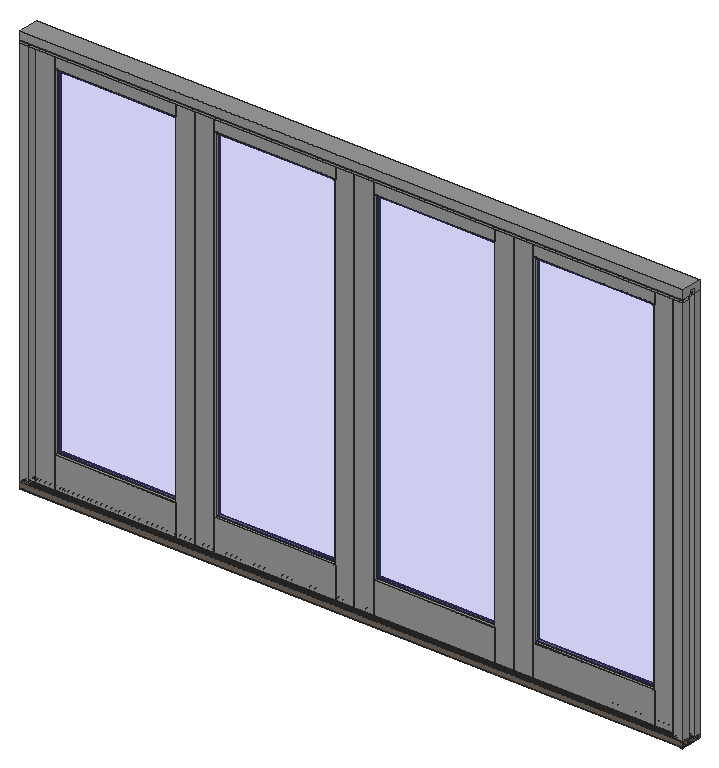
Revit family "VSFA 3390 G1 RH", category Doors, host Wall, Revit 2015
Parameters (values of type "VSFA 3390 G1 RH")
  Function = Interior
  Frame Projection Ext. = 25 mm
  Frame Projection Int. = 25 mm
  Frame Width = 75 mm
  Height = 2100 mm
  Wall Closure = By host
  Width = 3390 mm
Reference planes
  plane 1: y = 0
  plane 2 "Center (Left/Right)": x = 0
  plane 3 "Left": x = -1695
  plane 4 "Right": x = 1695
  plane 5: z = 2100
  plane 6 "Exterior": y = 75
  plane 7 "Interior": y = -75
  plane 8: x = -832.5
  plane 9: x = -829.5
  plane 10: x = -16.5
  plane 11: x = -13.5
  plane 12: x = 799.5
  plane 13: x = 802.5
Forms (mm)
  Extrusion 1, solid, material "Aluminium Cill (Bronze)"
    sketch origin (0, 79.18, -119.746) x (0, 1, 0) y (0, 0, -1)
      loop
        arc (-26.68, -120.746) -> (-26.972, -120.039) -> (-27.68, -119.746) r 1
        line (-27.68, -119.746) -> (-130.68, -119.746)
        arc (-130.68, -119.746) -> (-131.387, -120.039) -> (-131.68, -120.746) r 1
        line (-131.68, -120.746) -> (-131.68, -150.746)
        arc (-131.68, -150.746) -> (-131.387, -151.453) -> (-130.68, -151.746) r 1
        line (-130.68, -151.746) -> (-120.912, -151.746)
        arc (-120.912, -151.746) -> (-119.18, -150.746) -> (-117.447, -151.746) r 2
        line (-117.447, -151.746) -> (-112.912, -151.746)
        arc (-112.912, -151.746) -> (-111.18, -150.746) -> (-109.447, -151.746) r 2
        line (-109.447, -151.746) -> (-99.68, -151.746)
        arc (-99.68, -151.746) -> (-98.972, -151.453) -> (-98.68, -150.746) r 1
        line (-98.68, -150.746) -> (-98.68, -149.246)
        arc (-98.68, -149.246) -> (-99.18, -148.746) -> (-99.68, -149.246) r 0.5
        line (-99.68, -149.246) -> (-99.68, -150.246) -> (-100.88, -150.246) -> (-100.88, -142.734) -> (-99.68, -142.734) -> (-99.68, -143.746)
        arc (-99.68, -143.746) -> (-99.18, -144.246) -> (-98.68, -143.746) r 0.5
        line (-98.68, -143.746) -> (-98.68, -138.746) -> (-90.432, -138.746) -> (-82.18, -138.746) -> (-82.18, -135.246)
        arc (-82.18, -135.246) -> (-81.74, -134.185) -> (-80.68, -133.746) r 1.5
        line (-80.68, -133.746) -> (-75.93, -133.746) -> (-75.93, -135.746) -> (-77.363, -135.746)
        arc (-77.363, -135.746) -> (-74.68, -138.746) -> (-71.996, -135.746) r 2.7
        line (-71.996, -135.746) -> (-73.43, -135.746) -> (-73.43, -133.746) -> (-68.68, -133.746)
        arc (-68.68, -133.746) -> (-67.619, -134.185) -> (-67.18, -135.246) r 1.5
        line (-67.18, -135.246) -> (-67.18, -138.746) -> (-60.412, -138.746)
        arc (-60.412, -138.746) -> (-58.68, -137.746) -> (-56.947, -138.746) r 2
        line (-56.947, -138.746) -> (-52.412, -138.746)
        arc (-52.412, -138.746) -> (-50.68, -137.746) -> (-48.947, -138.746) r 2
        line (-48.947, -138.746) -> (-44.412, -138.746)
        arc (-44.412, -138.746) -> (-42.68, -137.746) -> (-40.947, -138.746) r 2
        line (-40.947, -138.746) -> (-29.68, -138.746)
        arc (-29.68, -138.746) -> (-27.558, -137.867) -> (-26.68, -135.746) r 3
        line (-26.68, -135.746) -> (-26.68, -120.746)
      loop
        arc (-29.68, -137.246) -> (-28.619, -136.807) -> (-28.18, -135.746) r 1.5
        line (-28.18, -135.746) -> (-28.18, -121.246) -> (-73.93, -121.246) -> (-73.93, -132.246) -> (-68.68, -132.246)
        arc (-68.68, -132.246) -> (-66.558, -133.125) -> (-65.68, -135.246) r 3
        line (-65.68, -135.246) -> (-65.68, -137.246) -> (-61.129, -137.246)
        arc (-61.129, -137.246) -> (-58.68, -136.246) -> (-56.23, -137.246) r 3.5
        line (-56.23, -137.246) -> (-53.129, -137.246)
        arc (-53.129, -137.246) -> (-50.68, -136.246) -> (-48.23, -137.246) r 3.5
        line (-48.23, -137.246) -> (-45.129, -137.246)
        arc (-45.129, -137.246) -> (-42.68, -136.246) -> (-40.23, -137.246) r 3.5
        line (-40.23, -137.246) -> (-29.68, -137.246)
      loop
        line (-75.43, -132.246) -> (-75.43, -121.246) -> (-98.68, -121.246) -> (-98.68, -137.246) -> (-83.68, -137.246) -> (-83.68, -135.246)
        arc (-83.68, -135.246) -> (-82.801, -133.125) -> (-80.68, -132.246) r 3
        line (-80.68, -132.246) -> (-75.43, -132.246)
      loop
        line (-100.18, -121.246) -> (-130.18, -121.246) -> (-130.18, -150.246) -> (-121.629, -150.246)
        arc (-121.629, -150.246) -> (-119.18, -149.246) -> (-116.73, -150.246) r 3.5
        line (-116.73, -150.246) -> (-113.629, -150.246)
        arc (-113.629, -150.246) -> (-111.18, -149.246) -> (-108.73, -150.246) r 3.5
        line (-108.73, -150.246) -> (-102.38, -150.246) -> (-102.38, -141.246) -> (-100.18, -141.246) -> (-100.18, -121.246)
    from -1695 to 1695
  Extrusion 2, solid, material "Lauan, Meranti"
    sketch origin (-122.148, 0, 0) x (0, 1, 0) y (0, 0, 1)
      loop
        line (52.5, 2100) -> (-52.5, 2100) -> (-52.5, 2055) -> (-6.5, 2055) -> (-6.5, 2075) -> (15.5, 2075) -> (15.5, 2055) -> (52.5, 2055) -> (52.5, 2100)
    from -1572.852 to 1817.148
  Extrusion 3, solid, material "Lauan, Meranti"
    sketch origin (2.986, 0, 0) x (0, 1, 0) y (0, 0, 1)
      loop
        line (-52.5, 2052) -> (-52.5, 2042) -> (-20.5, 2042) -> (-20.5, 2045.5) -> (-27.5, 2045.5) -> (-27.5, 2048.5) -> (-20.5, 2048.5) -> (-20.5, 2055) -> (-49.5, 2055) -> (-49.5, 2052) -> (-52.5, 2052)
    from -1697.986 to 1692.014
  Extrusion 4, solid, material "Steel, Chrome Plated"
    sketch origin (129.456, -1.5, 0) x (0, 1, 0) y (0, 0, -1)
      loop
        line (16.5, -2075) -> (16.5, -2055) -> (14.3, -2055) -> (14.3, -2072.8) -> (-2.3, -2072.8) -> (-2.3, -2055) -> (-4.5, -2055) -> (-4.5, -2075) -> (16.5, -2075)
    from -1565.544 to 1824.456
  Extrusion 5, solid, material "Lauan, Meranti"
    sketch origin (-1430, 0, 0) x (1, 0, 0) y (0, 1, 0)
      loop
        line (-265, 52.5) -> (-265, -19.5) -> (-220, -19.5) -> (-220, 24.5) -> (-232, 24.5) -> (-232, 52.5) -> (-265, 52.5)
    from 19 to 32
  Extrusion 6, solid, material "Lauan, Meranti"
    sketch origin (1430, 0, 0) x (1, 0, 0) y (0, 1, 0)
      loop
        line (220, 52.5) -> (220, 25.5) -> (265, 25.5) -> (265, 52.5) -> (220, 52.5)
      loop
        line (235, 24.5) -> (190, 24.5) -> (190, -15.5) -> (235, -15.5) -> (235, -5.5) -> (210, -5.5) -> (210, 14.5) -> (235, 14.5) -> (235, 24.5)
    from 19 to 32
  Extrusion 7, solid, material "Lauan, Meranti"
    sketch origin (1030, 0, 0) x (1, 0, 0) y (0, 1, 0)
      loop
        line (665, -52.5) -> (665, -16.5) -> (620, -16.5) -> (620, -52.5) -> (665, -52.5)
      loop
        line (665, 52.5) -> (620, 52.5) -> (620, 25.5) -> (665, 25.5) -> (665, 52.5)
      loop
        line (590, 24.5) -> (590, -15.5) -> (635, -15.5) -> (635, -5.5) -> (610, -5.5) -> (610, 14.5) -> (635, 14.5) -> (635, 24.5) -> (590, 24.5)
    from 32 to 2055
  Extrusion 8, solid, material "Lauan, Meranti"
    sketch origin (-1030, 0, 0) x (1, 0, 0) y (0, 1, 0)
      loop
        line (-665, 52.5) -> (-665, -52.5) -> (-620, -52.5) -> (-620, 24.5) -> (-632, 24.5) -> (-632, 52.5) -> (-665, 52.5)
    from 32 to 2055
  Extrusion 9, solid, material "Lauan, Meranti"
    sketch origin (1935.5, 0, 0) x (1, 0, 0) y (0, 1, 0)
      loop
        line (-1133, -15.5) -> (-1037, -15.5) -> (-1037, -13.5)
        arc (-1037, -13.5) -> (-1032.265, -11.94) -> (-1030, -7.5) r 6.549
        line (-1030, -7.5) -> (-1028, -7.5) -> (-1028, -5.5) -> (-1037, -5.5) -> (-1037, 24.5) -> (-1133, 24.5) -> (-1133, -15.5)
      loop
        line (-320, -15.5) -> (-320, 24.5) -> (-416, 24.5) -> (-416, -5.5) -> (-425, -5.5) -> (-425, -7.5) -> (-423, -7.5)
        arc (-423, -7.5) -> (-420.735, -11.94) -> (-416, -13.5) r 6.549
        line (-416, -13.5) -> (-416, -15.5) -> (-320, -15.5)
    from 19 to 2055
  Extrusion 10, solid, material "Lauan, Meranti"
    sketch origin (1270.735, 0, 0) x (0, 1, 0) y (0, 0, 1)
      loop
        line (-15.5, 190) -> (-15.5, 19) -> (24.5, 19) -> (24.5, 190) -> (-5.5, 190) -> (-5.5, 199) -> (-7.5, 199) -> (-7.5, 197)
        arc (-7.5, 197) -> (-11.866, 194.67) -> (-13.5, 190) r 6.807
        line (-13.5, 190) -> (-15.5, 190)
      loop
        line (-7.5, 1952) -> (-7.5, 1950) -> (-5.5, 1950) -> (-5.5, 1959) -> (24.5, 1959) -> (24.5, 2055) -> (-15.5, 2055) -> (-15.5, 1959) -> (-13.5, 1959)
        arc (-13.5, 1959) -> (-11.866, 1954.33) -> (-7.5, 1952) r 6.807
    from -372.235 to 248.765
  Sweep 11, solid, material "Lauan, Meranti"
    path origin (978.376, -75, -1252.272) x (1, 0, 0) y (0, 0, 1)
      loop
        line (-79.876, 3211.272) -> (-79.876, 1442.272) -> (541.124, 1442.272) -> (541.124, 3211.272) -> (-79.876, 3211.272)
    profile origin (1209, -75, 1959) x (0, 0, 1) y (0, -1, 0)
      loop
        line (-9, -78) -> (-9, -80) -> (-7, -80)
        arc (-7, -80) -> (-4.67, -84.366) -> (0, -86) r 6.807
        line (0, -86) -> (0, -78) -> (-9, -78)
  Extrusion 12, solid, material "Glass"
    sketch origin (1247.308, -110.55, -763.769) x (1, 0, 0) y (0, 0, 1)
      loop
        line (-348.808, 2722.769) -> (-348.808, 953.769) -> (272.192, 953.769) -> (272.192, 2722.769) -> (-348.808, 2722.769)
    from -112.5 to -106.1
  Extrusion 13, solid, material "Lauan, Meranti"
    sketch origin (1119.5, 0, 0) x (1, 0, 0) y (0, 1, 0)
      loop
        line (-1133, -15.5) -> (-1037, -15.5) -> (-1037, -13.5)
        arc (-1037, -13.5) -> (-1032.265, -11.94) -> (-1030, -7.5) r 6.549
        line (-1030, -7.5) -> (-1028, -7.5) -> (-1028, -5.5) -> (-1037, -5.5) -> (-1037, 24.5) -> (-1133, 24.5) -> (-1133, -15.5)
      loop
        line (-320, -15.5) -> (-320, 24.5) -> (-416, 24.5) -> (-416, -5.5) -> (-425, -5.5) -> (-425, -7.5) -> (-423, -7.5)
        arc (-423, -7.5) -> (-420.735, -11.94) -> (-416, -13.5) r 6.549
        line (-416, -13.5) -> (-416, -15.5) -> (-320, -15.5)
    from 19 to 2055
  Extrusion 14, solid, material "Lauan, Meranti"
    sketch origin (454.735, 0, 0) x (0, 1, 0) y (0, 0, 1)
      loop
        line (-15.5, 190) -> (-15.5, 19) -> (24.5, 19) -> (24.5, 190) -> (-5.5, 190) -> (-5.5, 199) -> (-7.5, 199) -> (-7.5, 197)
        arc (-7.5, 197) -> (-11.866, 194.67) -> (-13.5, 190) r 6.807
        line (-13.5, 190) -> (-15.5, 190)
      loop
        line (-7.5, 1952) -> (-7.5, 1950) -> (-5.5, 1950) -> (-5.5, 1959) -> (24.5, 1959) -> (24.5, 2055) -> (-15.5, 2055) -> (-15.5, 1959) -> (-13.5, 1959)
        arc (-13.5, 1959) -> (-11.866, 1954.33) -> (-7.5, 1952) r 6.807
    from -372.235 to 248.765
  Sweep 15, solid, material "Lauan, Meranti"
    path origin (162.376, -75, -1252.272) x (1, 0, 0) y (0, 0, 1)
      loop
        line (-79.876, 3211.272) -> (-79.876, 1442.272) -> (541.124, 1442.272) -> (541.124, 3211.272) -> (-79.876, 3211.272)
    profile origin (393, -75, 1959) x (0, 0, 1) y (0, -1, 0)
      loop
        line (-9, -78) -> (-9, -80) -> (-7, -80)
        arc (-7, -80) -> (-4.67, -84.366) -> (0, -86) r 6.807
        line (0, -86) -> (0, -78) -> (-9, -78)
  Extrusion 16, solid, material "Glass"
    sketch origin (431.308, -110.55, -763.769) x (1, 0, 0) y (0, 0, 1)
      loop
        line (-348.808, 2722.769) -> (-348.808, 953.769) -> (272.192, 953.769) -> (272.192, 2722.769) -> (-348.808, 2722.769)
    from -112.5 to -106.1
  Extrusion 17, solid, material "Lauan, Meranti"
    sketch origin (303.5, 0, 0) x (1, 0, 0) y (0, 1, 0)
      loop
        line (-1133, -15.5) -> (-1037, -15.5) -> (-1037, -13.5)
        arc (-1037, -13.5) -> (-1032.265, -11.94) -> (-1030, -7.5) r 6.549
        line (-1030, -7.5) -> (-1028, -7.5) -> (-1028, -5.5) -> (-1037, -5.5) -> (-1037, 24.5) -> (-1133, 24.5) -> (-1133, -15.5)
      loop
        line (-320, -15.5) -> (-320, 24.5) -> (-416, 24.5) -> (-416, -5.5) -> (-425, -5.5) -> (-425, -7.5) -> (-423, -7.5)
        arc (-423, -7.5) -> (-420.735, -11.94) -> (-416, -13.5) r 6.549
        line (-416, -13.5) -> (-416, -15.5) -> (-320, -15.5)
    from 19 to 2055
  Extrusion 18, solid, material "Lauan, Meranti"
    sketch origin (-361.265, 0, 0) x (0, 1, 0) y (0, 0, 1)
      loop
        line (-15.5, 190) -> (-15.5, 19) -> (24.5, 19) -> (24.5, 190) -> (-5.5, 190) -> (-5.5, 199) -> (-7.5, 199) -> (-7.5, 197)
        arc (-7.5, 197) -> (-11.866, 194.67) -> (-13.5, 190) r 6.807
        line (-13.5, 190) -> (-15.5, 190)
      loop
        line (-7.5, 1952) -> (-7.5, 1950) -> (-5.5, 1950) -> (-5.5, 1959) -> (24.5, 1959) -> (24.5, 2055) -> (-15.5, 2055) -> (-15.5, 1959) -> (-13.5, 1959)
        arc (-13.5, 1959) -> (-11.866, 1954.33) -> (-7.5, 1952) r 6.807
    from -372.235 to 248.765
  Sweep 19, solid, material "Lauan, Meranti"
    path origin (-653.624, -75, -1252.272) x (1, 0, 0) y (0, 0, 1)
      loop
        line (-79.876, 3211.272) -> (-79.876, 1442.272) -> (541.124, 1442.272) -> (541.124, 3211.272) -> (-79.876, 3211.272)
    profile origin (-423, -75, 1959) x (0, 0, 1) y (0, -1, 0)
      loop
        line (-9, -78) -> (-9, -80) -> (-7, -80)
        arc (-7, -80) -> (-4.67, -84.366) -> (0, -86) r 6.807
        line (0, -86) -> (0, -78) -> (-9, -78)
  Extrusion 20, solid, material "Glass"
    sketch origin (-384.692, -110.55, -763.769) x (1, 0, 0) y (0, 0, 1)
      loop
        line (-348.808, 2722.769) -> (-348.808, 953.769) -> (272.192, 953.769) -> (272.192, 2722.769) -> (-348.808, 2722.769)
    from -112.5 to -106.1
  Extrusion 21, solid, material "Lauan, Meranti"
    sketch origin (-512.5, 0, 0) x (1, 0, 0) y (0, 1, 0)
      loop
        line (-1133, -15.5) -> (-1037, -15.5) -> (-1037, -13.5)
        arc (-1037, -13.5) -> (-1032.265, -11.94) -> (-1030, -7.5) r 6.549
        line (-1030, -7.5) -> (-1028, -7.5) -> (-1028, -5.5) -> (-1037, -5.5) -> (-1037, 24.5) -> (-1133, 24.5) -> (-1133, -15.5)
      loop
        line (-320, -15.5) -> (-320, 24.5) -> (-416, 24.5) -> (-416, -5.5) -> (-425, -5.5) -> (-425, -7.5) -> (-423, -7.5)
        arc (-423, -7.5) -> (-420.735, -11.94) -> (-416, -13.5) r 6.549
        line (-416, -13.5) -> (-416, -15.5) -> (-320, -15.5)
    from 19 to 2055
  Extrusion 22, solid, material "Lauan, Meranti"
    sketch origin (-1177.265, 0, 0) x (0, 1, 0) y (0, 0, 1)
      loop
        line (-15.5, 190) -> (-15.5, 19) -> (24.5, 19) -> (24.5, 190) -> (-5.5, 190) -> (-5.5, 199) -> (-7.5, 199) -> (-7.5, 197)
        arc (-7.5, 197) -> (-11.866, 194.67) -> (-13.5, 190) r 6.807
        line (-13.5, 190) -> (-15.5, 190)
      loop
        line (-7.5, 1952) -> (-7.5, 1950) -> (-5.5, 1950) -> (-5.5, 1959) -> (24.5, 1959) -> (24.5, 2055) -> (-15.5, 2055) -> (-15.5, 1959) -> (-13.5, 1959)
        arc (-13.5, 1959) -> (-11.866, 1954.33) -> (-7.5, 1952) r 6.807
    from -372.235 to 248.765
  Sweep 23, solid, material "Lauan, Meranti"
    path origin (-1469.624, -75, -1252.272) x (1, 0, 0) y (0, 0, 1)
      loop
        line (-79.876, 3211.272) -> (-79.876, 1442.272) -> (541.124, 1442.272) -> (541.124, 3211.272) -> (-79.876, 3211.272)
    profile origin (-1239, -75, 1959) x (0, 0, 1) y (0, -1, 0)
      loop
        line (-9, -78) -> (-9, -80) -> (-7, -80)
        arc (-7, -80) -> (-4.67, -84.366) -> (0, -86) r 6.807
        line (0, -86) -> (0, -78) -> (-9, -78)
  Extrusion 24, solid, material "Glass"
    sketch origin (-1200.692, -110.55, -763.769) x (1, 0, 0) y (0, 0, 1)
      loop
        line (-348.808, 2722.769) -> (-348.808, 953.769) -> (272.192, 953.769) -> (272.192, 2722.769) -> (-348.808, 2722.769)
    from -112.5 to -106.1
Cuts and joins
  joined: Extrusion 6, Extrusion 7
  joined: Extrusion 5, Extrusion 8
Lines and regions (mm)
  Opening 1
    outline origin (-5000, 75, 0) x (-1, 0, 0) y (0, 0, 1)
      loop
        line (-6695, 0) -> (-3305, 0) -> (-3305, 2100) -> (-6695, 2100) -> (-6695, 0)
  model lines
    curve 1: line (1046.302, 99.5, 1050) -> (1221.302, 99.5, 1050)
    curve 2: line (1360.379, 99.5, 1050) -> (1221.302, 99.5, 1106.191)
    curve 3: line (1221.302, 99.5, 1106.191) -> (1221.302, 99.5, 993.809)
    curve 4: line (1360.379, 99.5, 1050) -> (1221.302, 99.5, 993.809)
    curve 5: line (230.302, 99.5, 1050) -> (405.302, 99.5, 1050)
    curve 6: line (544.379, 99.5, 1050) -> (405.302, 99.5, 1106.191)
    curve 7: line (405.302, 99.5, 1106.191) -> (405.302, 99.5, 993.809)
    curve 8: line (544.379, 99.5, 1050) -> (405.302, 99.5, 993.809)
    curve 9: line (-585.698, 99.5, 1050) -> (-410.698, 99.5, 1050)
    curve 10: line (-271.621, 99.5, 1050) -> (-410.698, 99.5, 1106.191)
    curve 11: line (-410.698, 99.5, 1106.191) -> (-410.698, 99.5, 993.809)
    curve 12: line (-271.621, 99.5, 1050) -> (-410.698, 99.5, 993.809)
    curve 13: line (-1076.302, 99.5, 1050) -> (-1251.302, 99.5, 1050)
    curve 14: line (-1390.379, 99.5, 1050) -> (-1251.302, 99.5, 1106.191)
    curve 15: line (-1251.302, 99.5, 1106.191) -> (-1251.302, 99.5, 993.809)
    curve 16: line (-1390.379, 99.5, 1050) -> (-1251.302, 99.5, 993.809)
    curve 17: line (-1645.5, 24.5, 19) -> (-832.5, 24.5, 1037)
    curve 18: line (-832.5, 24.5, 1037) -> (-1645.5, 24.5, 2055)
    curve 19: line (1615.5, 24.5, 0) -> (1209, 728.579, 0)
    curve 20: line (1209, 728.579, 0) -> (1174.359, 708.579, 0)
    curve 21: line (1174.359, 708.579, 0) -> (1580.859, 4.5, 0)
    curve 22: line (733.218, 24.5, 0) -> (1139.718, 728.579, 0)
    curve 23: line (1139.718, 728.579, 0) -> (1174.359, 708.579, 0)
    curve 24: line (1174.359, 708.579, 0) -> (767.859, 4.5, 0)
    curve 25: line (733.218, 24.5, 0) -> (326.718, 728.579, 0)
    curve 26: line (326.718, 728.579, 0) -> (292.077, 708.579, 0)
    curve 27: line (698.577, 4.5, 0) -> (292.077, 708.579, 0)
    curve 28: line (-1645.5, 24.5, 0) -> (-1239, 728.579, 0)
    curve 29: line (-1239, 728.579, 0) -> (-1204.359, 708.579, 0)
    curve 30: line (-1204.359, 708.579, 0) -> (-1610.859, 4.5, 0)
Text (mm)
  text "Exterior" at (-2295.016, 1099.543, 0), in view "Ref. Level"
  text "Exterior" at (0, 1615.38, 3698.081), in view "Left"
  text "Exterior" at (0, 1036.032, 3874.932), in view "Right"
Dimensions and locks
  equal spacing: plane 3 "Left", plane 2 "Center (Left/Right)", plane 4 "Right"
  "Width": plane 3 "Left" to plane 4 "Right"
  "Height": plane 5 to host wall
  host wall to plane 5 = 2100 mm  (x2)
  locked: plane 6 "Exterior" to host wall at 0
  locked: plane 7 "Interior" to host wall
  plane 3 "Left" to plane 4 "Right" = 3390 mm
  aligned and locked: plane 1 to host wall
  aligned and locked: Opening 1 sketch curve to level
  aligned and locked: Extrusion 10 to Extrusion 9
  aligned and locked: Extrusion 12 to Extrusion 10  (x2)
  aligned and locked: Extrusion 12 to Extrusion 9
  aligned and locked: Sweep 11 sketch curve to Extrusion 10  (x2)
  aligned and locked: Extrusion 9 to Sweep 11 sketch curve
  aligned and locked: Extrusion 14 to Extrusion 13
  aligned and locked: Extrusion 16 to Extrusion 14  (x2)
  aligned and locked: Extrusion 16 to Extrusion 13
  aligned and locked: Sweep 15 sketch curve to Extrusion 14  (x2)
  aligned and locked: Extrusion 13 to Sweep 15 sketch curve
  aligned and locked: Extrusion 18 to Extrusion 17
  aligned and locked: Extrusion 20 to Extrusion 18  (x2)
  aligned and locked: Extrusion 20 to Extrusion 17
  aligned and locked: Sweep 19 sketch curve to Extrusion 18  (x2)
  aligned and locked: Extrusion 17 to Sweep 19 sketch curve
  aligned and locked: Extrusion 22 to Extrusion 21
  aligned and locked: Extrusion 24 to Extrusion 22  (x2)
  aligned and locked: Extrusion 24 to Extrusion 21
  aligned and locked: Sweep 23 sketch curve to Extrusion 22  (x2)
  aligned and locked: Extrusion 21 to Sweep 23 sketch curve
Automatic sketch dimensions
  curve 16 to plane 3 "Left" = 304.621 mm
  curve 14 to curve 15 = 139.078 mm
  plane 10 to curve 11 = 394.198 mm
  curve 9 to curve 10 = 139.078 mm
  plane 12 to curve 7 = 394.198 mm
  curve 5 to curve 6 = 139.078 mm
  curve 3 to plane 13 = 418.802 mm
  curve 1 to curve 2 = 139.078 mm
  level to curve 16 = 993.809 mm
  curve 12 to curve 15 = 0 mm
  curve 8 to curve 11 = 0 mm
  curve 3 to curve 7 = 0 mm
  curve 7 to curve 6 = 56.191 mm
  curve 3 to curve 4 = 56.191 mm
  curve 15 to curve 16 = 56.191 mm
  curve 11 to curve 10 = 56.191 mm
  curve 11 to curve 10 = 112.382 mm
  curve 7 to curve 7 = 112.382 mm
  curve 15 to curve 14 = 112.382 mm
  curve 3 to curve 3 = 112.382 mm
  curve 13 to curve 13 = 175 mm
  curve 9 to curve 9 = 175 mm
  curve 5 to curve 5 = 175 mm
  curve 1 to curve 1 = 175 mm
  curve 5 to curve 6 = 56.191 mm
  curve 13 to curve 14 = 56.191 mm
  curve 9 to curve 10 = 56.191 mm
  curve 1 to curve 2 = 56.191 mm
  plane 4 "Right" to Opening 1 sketch curve = 0 mm
  plane 3 "Left" to Opening 1 sketch curve = 0 mm
  Opening 1 sketch curve to plane 5 = 0 mm
  Extrusion 1 sketch curve to level = 0 mm
  level to Extrusion 1 sketch curve = 1 mm
  Extrusion 1 sketch curve to host wall = 22.5 mm
  Extrusion 1 sketch curve to Extrusion 1 sketch curve = 1 mm  (x7)
  Extrusion 1 sketch curve to Extrusion 1 sketch curve = 0.5 mm  (x8)
  Extrusion 1 sketch curve to Extrusion 1 sketch curve = 8.551 mm
  Extrusion 1 sketch curve to Extrusion 1 sketch curve = 0.717 mm  (x10)
  Extrusion 1 sketch curve to Extrusion 1 sketch curve = 1.732 mm  (x10)
  Extrusion 1 sketch curve to Extrusion 1 sketch curve = 0 mm  (x24)
  Extrusion 1 sketch curve to Extrusion 1 sketch curve = 3.101 mm  (x3)
  Extrusion 1 sketch curve to Extrusion 1 sketch curve = 6.351 mm
  Extrusion 1 sketch curve to Extrusion 1 sketch curve = 1.5 mm  (x15)
  Extrusion 1 sketch curve to Extrusion 1 sketch curve = 0.7 mm
  level to Extrusion 1 sketch curve = 1.5 mm  (x3)
  Extrusion 1 sketch curve to Extrusion 1 sketch curve = 1.2 mm  (x2)
  Extrusion 1 sketch curve to Extrusion 1 sketch curve = 8.248 mm
  host wall to Extrusion 1 sketch curve = 4.5 mm
  host wall to Extrusion 1 sketch curve = 1.5 mm  (x2)
  Extrusion 1 sketch curve to host wall = 1.817 mm
  Extrusion 1 sketch curve to Extrusion 1 sketch curve = 1.433 mm  (x3)
  Extrusion 1 sketch curve to host wall = 3.75 mm
  Extrusion 1 sketch curve to Extrusion 1 sketch curve = 1.25 mm  (x2)
  Extrusion 1 sketch curve to Extrusion 1 sketch curve = 3.317 mm
  Extrusion 1 sketch curve to Extrusion 1 sketch curve = 4.551 mm
  Extrusion 1 sketch curve to Extrusion 1 sketch curve = 10.551 mm
  Extrusion 1 sketch curve to Extrusion 1 sketch curve = 11 mm
  Extrusion 1 sketch curve to Extrusion 1 sketch curve = 14.5 mm
  Extrusion 1 sketch curve to Extrusion 1 sketch curve = 2 mm  (x5)
  Extrusion 1 sketch curve to Extrusion 1 sketch curve = 0.3 mm
  Extrusion 1 sketch curve to Extrusion 1 sketch curve = 2.5 mm
  Extrusion 1 sketch curve to Extrusion 1 sketch curve = 1.488 mm
  Extrusion 1 sketch curve to Extrusion 1 sketch curve = 1.012 mm
  Extrusion 1 sketch curve to Extrusion 1 sketch curve = 5.5 mm
  Extrusion 1 sketch curve to Extrusion 1 sketch curve = 9 mm
  plane 8 to curve 29 = 406.5 mm
  curve 29 to curve 30 = 34.641 mm
  plane 2 "Center (Left/Right)" to curve 27 = 292.077 mm
  curve 26 to curve 26 = 34.641 mm
  curve 25 to host wall = 24.5 mm
  plane 12 to curve 25 = 66.282 mm
  curve 23 to plane 13 = 337.218 mm
  curve 22 to curve 23 = 34.641 mm
  curve 20 to curve 19 = 34.641 mm
  host wall to curve 26 = 633.579 mm
  host wall to curve 23 = 633.579 mm
  host wall to curve 29 = 633.579 mm
  curve 20 to curve 19 = 20 mm
  curve 29 to curve 28 = 20 mm
  curve 30 to host wall = 4.5 mm
  curve 28 to host wall = 24.5 mm
  curve 27 to host wall = 4.5 mm
  curve 24 to host wall = 4.5 mm
  curve 21 to host wall = 4.5 mm
  curve 19 to host wall = 24.5 mm
  plane 5 to Extrusion 2 sketch curve = 0 mm
  Extrusion 2 sketch curve to host wall = 22.5 mm  (x2)
  host wall to Extrusion 2 sketch curve = 6.5 mm
  Extrusion 2 sketch curve to host wall = 15.5 mm
  plane 5 to Extrusion 2 sketch curve = 25 mm
  Extrusion 2 sketch curve to Extrusion 2 sketch curve = 20 mm  (x2)
  Extrusion 3 sketch curve to host wall = 22.5 mm
  Extrusion 3 sketch curve to Extrusion 3 sketch curve = 3 mm  (x2)
  Extrusion 3 sketch curve to Extrusion 3 sketch curve = 22 mm
  Extrusion 3 sketch curve to Extrusion 3 sketch curve = 7 mm
  Extrusion 3 sketch curve to Extrusion 3 sketch curve = 0 mm
  plane 5 to Extrusion 3 sketch curve = 58 mm
  Extrusion 3 sketch curve to Extrusion 3 sketch curve = 3.5 mm
  Extrusion 3 sketch curve to Extrusion 3 sketch curve = 10 mm
  Extrusion 3 sketch curve to Extrusion 3 sketch curve = 6.5 mm
  host wall to Extrusion 4 sketch curve = 6 mm
  Extrusion 4 sketch curve to Extrusion 4 sketch curve = 2.2 mm  (x3)
  Extrusion 4 sketch curve to host wall = 12.8 mm
  plane 5 to Extrusion 4 sketch curve = 25 mm
  Extrusion 4 sketch curve to Extrusion 4 sketch curve = 17.8 mm  (x2)
  Extrusion 5 sketch curve to plane 3 "Left" = 0 mm
  Extrusion 5 sketch curve to Extrusion 5 sketch curve = 33 mm
  host wall to Extrusion 5 sketch curve = 19.5 mm
  Extrusion 5 sketch curve to Extrusion 5 sketch curve = 45 mm
  Extrusion 5 sketch curve to host wall = 24.5 mm
  Extrusion 5 sketch curve to host wall = 22.5 mm
  Extrusion 6 sketch curve to plane 4 "Right" = 0 mm
  plane 4 "Right" to Extrusion 6 sketch curve = 30 mm
  Extrusion 6 sketch curve to Extrusion 6 sketch curve = 0 mm
  Extrusion 6 sketch curve to Extrusion 6 sketch curve = 15 mm
  host wall to Extrusion 6 sketch curve = 5.5 mm
  Extrusion 6 sketch curve to Extrusion 6 sketch curve = 25 mm
  Extrusion 6 sketch curve to Extrusion 6 sketch curve = 20 mm
  Extrusion 6 sketch curve to Extrusion 6 sketch curve = 10 mm  (x2)
  Extrusion 6 sketch curve to host wall = 14.5 mm
  Extrusion 6 sketch curve to host wall = 25.5 mm
  Extrusion 6 sketch curve to host wall = 22.5 mm
  Extrusion 7 sketch curve to plane 4 "Right" = 0 mm  (x2)
  plane 4 "Right" to Extrusion 7 sketch curve = 30 mm  (x2)
  Extrusion 7 sketch curve to Extrusion 7 sketch curve = 15 mm  (x2)
  Extrusion 7 sketch curve to Extrusion 7 sketch curve = 10 mm  (x2)
  Extrusion 7 sketch curve to Extrusion 7 sketch curve = 20 mm
  Extrusion 7 sketch curve to host wall = 22.5 mm  (x2)
  host wall to Extrusion 7 sketch curve = 16.5 mm
  Extrusion 7 sketch curve to Extrusion 7 sketch curve = 1 mm
  host wall to Extrusion 7 sketch curve = 5.5 mm
  Extrusion 7 sketch curve to host wall = 14.5 mm
  Extrusion 7 sketch curve to Extrusion 7 sketch curve = 11 mm
  Extrusion 8 sketch curve to plane 3 "Left" = 0 mm
  Extrusion 8 sketch curve to plane 3 "Left" = 33 mm
  Extrusion 8 sketch curve to Extrusion 8 sketch curve = 45 mm
  Extrusion 8 sketch curve to host wall = 22.5 mm  (x2)
  Extrusion 8 sketch curve to host wall = 24.5 mm
  Extrusion 9 sketch curve to plane 13 = 0 mm
  host wall to Extrusion 9 sketch curve = 13.5 mm
  Extrusion 9 sketch curve to plane 13 = 96 mm
  Extrusion 9 sketch curve to Extrusion 9 sketch curve = 0 mm
  Extrusion 9 sketch curve to Extrusion 9 sketch curve = 0.473 mm  (x3)
  Extrusion 9 sketch curve to Extrusion 9 sketch curve = 6.527 mm  (x2)
  Extrusion 9 sketch curve to Extrusion 9 sketch curve = 2 mm  (x4)
  host wall to Extrusion 9 sketch curve = 5.5 mm
  plane 4 "Right" to Extrusion 9 sketch curve = 184.5 mm
  Extrusion 9 sketch curve to host wall = 24.5 mm  (x2)
  plane 4 "Right" to Extrusion 9 sketch curve = 79.5 mm
  host wall to Extrusion 9 sketch curve = 15.5 mm  (x2)
  host wall to Extrusion 9 sketch curve = 7.5 mm
  Extrusion 9 sketch curve to Extrusion 9 sketch curve = 1.468 mm
  host wall to Extrusion 10 sketch curve = 15.5 mm  (x2)
  Extrusion 10 sketch curve to Extrusion 10 sketch curve = 2 mm  (x6)
  host wall to Extrusion 10 sketch curve = 7.5 mm  (x2)
  host wall to Extrusion 10 sketch curve = 6.697 mm  (x2)
  Extrusion 10 sketch curve to host wall = 24.5 mm  (x2)
  level to Extrusion 10 sketch curve = 19 mm
  Extrusion 10 sketch curve to Extrusion 10 sketch curve = 171 mm
  Extrusion 10 sketch curve to Extrusion 10 sketch curve = 0 mm
  Extrusion 10 sketch curve to Extrusion 10 sketch curve = 0.241 mm  (x2)
  plane 5 to Extrusion 10 sketch curve = 150 mm
  Extrusion 10 sketch curve to Extrusion 10 sketch curve = 6.759 mm
  plane 5 to Extrusion 10 sketch curve = 45 mm
  Sweep 11 sketch curve to plane 13 = 96 mm
  profile plane to Sweep 11 sketch curve = 0 mm
  profile plane to Sweep 11 sketch curve = 0.241 mm
  Sweep 11 sketch curve to Sweep 11 sketch curve = 6.759 mm
  Sweep 11 sketch curve to Sweep 11 sketch curve = 2 mm  (x2)
  Sweep 11 sketch curve to profile plane = 86 mm
  Sweep 11 sketch curve to Sweep 11 sketch curve = 6 mm
  Extrusion 12 sketch curve to plane 13 = 96 mm
  plane 4 "Right" to Extrusion 12 sketch curve = 175.5 mm
  level to Extrusion 12 sketch curve = 190 mm
  plane 5 to Extrusion 12 sketch curve = 141 mm
  Extrusion 13 sketch curve to plane 11 = 0 mm
  Extrusion 13 sketch curve to plane 12 = 0 mm
  host wall to Extrusion 13 sketch curve = 13.5 mm
  plane 2 "Center (Left/Right)" to Extrusion 13 sketch curve = 82.5 mm
  Extrusion 13 sketch curve to Extrusion 13 sketch curve = 0 mm
  Extrusion 13 sketch curve to Extrusion 13 sketch curve = 0.473 mm  (x3)
  Extrusion 13 sketch curve to Extrusion 13 sketch curve = 6.527 mm  (x2)
  Extrusion 13 sketch curve to Extrusion 13 sketch curve = 2 mm  (x4)
  host wall to Extrusion 13 sketch curve = 5.5 mm
  plane 12 to Extrusion 13 sketch curve = 105 mm
  host wall to Extrusion 13 sketch curve = 15.5 mm  (x2)
  host wall to Extrusion 13 sketch curve = 7.5 mm
  Extrusion 13 sketch curve to Extrusion 13 sketch curve = 1.468 mm
  Extrusion 13 sketch curve to host wall = 24.5 mm  (x2)
  host wall to Extrusion 14 sketch curve = 15.5 mm  (x2)
  Extrusion 14 sketch curve to Extrusion 14 sketch curve = 2 mm  (x6)
  host wall to Extrusion 14 sketch curve = 7.5 mm  (x2)
  host wall to Extrusion 14 sketch curve = 6.697 mm  (x2)
  Extrusion 14 sketch curve to host wall = 24.5 mm  (x2)
  level to Extrusion 14 sketch curve = 19 mm
  Extrusion 14 sketch curve to Extrusion 14 sketch curve = 171 mm
  Extrusion 14 sketch curve to Extrusion 14 sketch curve = 0 mm
  Extrusion 14 sketch curve to Extrusion 14 sketch curve = 0.241 mm  (x2)
  plane 5 to Extrusion 14 sketch curve = 150 mm
  Extrusion 14 sketch curve to Extrusion 14 sketch curve = 6.759 mm
  plane 5 to Extrusion 14 sketch curve = 45 mm
  plane 2 "Center (Left/Right)" to Sweep 15 sketch curve = 82.5 mm
  profile plane to Sweep 15 sketch curve = 0 mm
  profile plane to Sweep 15 sketch curve = 0.241 mm
  Sweep 15 sketch curve to Sweep 15 sketch curve = 6.759 mm
  Sweep 15 sketch curve to Sweep 15 sketch curve = 2 mm  (x2)
  Sweep 15 sketch curve to profile plane = 86 mm
  Sweep 15 sketch curve to Sweep 15 sketch curve = 6 mm
  plane 2 "Center (Left/Right)" to Extrusion 16 sketch curve = 82.5 mm
  plane 12 to Extrusion 16 sketch curve = 96 mm
  level to Extrusion 16 sketch curve = 190 mm
  plane 5 to Extrusion 16 sketch curve = 141 mm
  Extrusion 17 sketch curve to plane 9 = 0 mm
  Extrusion 17 sketch curve to plane 10 = 0 mm
  host wall to Extrusion 17 sketch curve = 13.5 mm
  Extrusion 17 sketch curve to plane 9 = 96 mm
  Extrusion 17 sketch curve to Extrusion 17 sketch curve = 0 mm
  Extrusion 17 sketch curve to Extrusion 17 sketch curve = 0.473 mm  (x3)
  Extrusion 17 sketch curve to Extrusion 17 sketch curve = 6.527 mm  (x2)
  Extrusion 17 sketch curve to Extrusion 17 sketch curve = 2 mm  (x4)
  host wall to Extrusion 17 sketch curve = 5.5 mm
  plane 10 to Extrusion 17 sketch curve = 105 mm
  host wall to Extrusion 17 sketch curve = 15.5 mm  (x2)
  host wall to Extrusion 17 sketch curve = 7.5 mm
  Extrusion 17 sketch curve to Extrusion 17 sketch curve = 1.468 mm
  Extrusion 17 sketch curve to host wall = 24.5 mm  (x2)
  host wall to Extrusion 18 sketch curve = 15.5 mm  (x2)
  Extrusion 18 sketch curve to Extrusion 18 sketch curve = 2 mm  (x6)
  host wall to Extrusion 18 sketch curve = 7.5 mm  (x2)
  host wall to Extrusion 18 sketch curve = 6.697 mm  (x2)
  Extrusion 18 sketch curve to host wall = 24.5 mm  (x2)
  level to Extrusion 18 sketch curve = 19 mm
  Extrusion 18 sketch curve to Extrusion 18 sketch curve = 171 mm
  Extrusion 18 sketch curve to Extrusion 18 sketch curve = 0 mm
  Extrusion 18 sketch curve to Extrusion 18 sketch curve = 0.241 mm  (x2)
  plane 5 to Extrusion 18 sketch curve = 150 mm
  Extrusion 18 sketch curve to Extrusion 18 sketch curve = 6.759 mm
  plane 5 to Extrusion 18 sketch curve = 45 mm
  Sweep 19 sketch curve to plane 9 = 96 mm
  profile plane to Sweep 19 sketch curve = 0 mm
  profile plane to Sweep 19 sketch curve = 0.241 mm
  Sweep 19 sketch curve to Sweep 19 sketch curve = 6.759 mm
  Sweep 19 sketch curve to Sweep 19 sketch curve = 2 mm  (x2)
  Sweep 19 sketch curve to profile plane = 86 mm
  Sweep 19 sketch curve to Sweep 19 sketch curve = 6 mm
  Extrusion 20 sketch curve to plane 9 = 96 mm
  plane 10 to Extrusion 20 sketch curve = 96 mm
  level to Extrusion 20 sketch curve = 190 mm
  plane 5 to Extrusion 20 sketch curve = 141 mm
  Extrusion 21 sketch curve to plane 8 = 0 mm
  host wall to Extrusion 21 sketch curve = 13.5 mm
  plane 8 to Extrusion 21 sketch curve = 96 mm
  Extrusion 21 sketch curve to Extrusion 21 sketch curve = 0 mm
  Extrusion 21 sketch curve to Extrusion 21 sketch curve = 0.473 mm  (x2)
  Extrusion 21 sketch curve to Extrusion 21 sketch curve = 6.527 mm  (x2)
  Extrusion 21 sketch curve to Extrusion 21 sketch curve = 2 mm  (x4)
  host wall to Extrusion 21 sketch curve = 5.5 mm
  Extrusion 21 sketch curve to plane 3 "Left" = 154.5 mm
  Extrusion 21 sketch curve to Extrusion 21 sketch curve = 9 mm
  host wall to Extrusion 21 sketch curve = 15.5 mm  (x2)
  Extrusion 21 sketch curve to plane 3 "Left" = 49.5 mm
  host wall to Extrusion 21 sketch curve = 7.5 mm
  Extrusion 21 sketch curve to Extrusion 21 sketch curve = 1.468 mm
  Extrusion 21 sketch curve to host wall = 24.5 mm  (x2)
  host wall to Extrusion 22 sketch curve = 15.5 mm  (x2)
  Extrusion 22 sketch curve to Extrusion 22 sketch curve = 2 mm  (x6)
  host wall to Extrusion 22 sketch curve = 7.5 mm  (x2)
  host wall to Extrusion 22 sketch curve = 6.697 mm  (x2)
  Extrusion 22 sketch curve to host wall = 24.5 mm  (x2)
  level to Extrusion 22 sketch curve = 19 mm
  Extrusion 22 sketch curve to Extrusion 22 sketch curve = 171 mm
  Extrusion 22 sketch curve to Extrusion 22 sketch curve = 0 mm
  Extrusion 22 sketch curve to Extrusion 22 sketch curve = 0.241 mm  (x2)
  plane 5 to Extrusion 22 sketch curve = 150 mm
  Extrusion 22 sketch curve to Extrusion 22 sketch curve = 6.759 mm
  plane 5 to Extrusion 22 sketch curve = 45 mm
  Sweep 23 sketch curve to plane 3 "Left" = 145.5 mm
  profile plane to Sweep 23 sketch curve = 0 mm
  profile plane to Sweep 23 sketch curve = 0.241 mm
  Sweep 23 sketch curve to Sweep 23 sketch curve = 6.759 mm
  Sweep 23 sketch curve to Sweep 23 sketch curve = 2 mm  (x2)
  Sweep 23 sketch curve to profile plane = 86 mm
  Sweep 23 sketch curve to Sweep 23 sketch curve = 6 mm
  Extrusion 24 sketch curve to plane 3 "Left" = 145.5 mm
  plane 8 to Extrusion 24 sketch curve = 96 mm
  level to Extrusion 24 sketch curve = 190 mm
  plane 5 to Extrusion 24 sketch curve = 141 mm
  plane 8 to curve 18 = 0 mm
  level to curve 18 = 1037 mm
  level to curve 17 = 19 mm
  curve 17 to plane 3 "Left" = 49.5 mm
  curve 18 to plane 3 "Left" = 49.5 mm
  plane 5 to curve 18 = 45 mm
